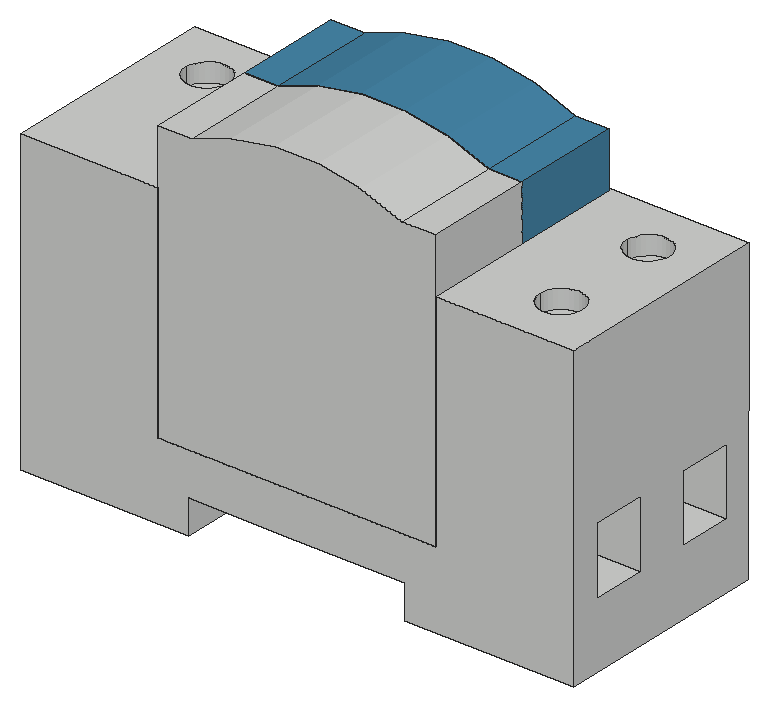
Revit family "Überspannungsableiter 1-polig + NPE", category Generic Models, Revit 2015
Parameters (values of type "V10-C 1+NPE-280")
  Width = 90 mm
  URL = "http://www.obo-bettermann.com"
  Material 2 = OBO PA GF20 RAL 5017
  Material = OBO PA 6 GF20
  Manufacturer Art.No. = "5093418"
  Manufacturer = "OBO Bettermann"
  Length = 35.6 mm
  Height = 60 mm
  GTIN = "4012195382799"
  Diameter = 7 mm
  Cut depth = 12 mm
  Article Type = "V10-C 1+NPE-280"
Reference planes
  plane 1 "Center (Front/Back)": y = 0
  plane 2: z = 0
  plane 3 "Center (Left/Right)": x = 0
  plane 4: z = 54.998
  plane 5: y = 27
  plane 6: y = -8.6
  plane 7: z = 37
  plane 8: z = 48
  plane 9: z = 46
  plane 10: z = 58
  plane 11: z = 60
  plane 12: x = 30.5
  plane 13: y = 9
  plane 14: y = 26.6
  plane 15: y = 44.2
  plane 16: x = -30.5
Forms (mm)
  Extrusion 1, solid, material "OBO PA 6 GF20" <- "Material"
    sketch origin (0, 0, 0) x (1, 0, 0) y (0, 0, 1)
      loop
        line (0, 5.5) -> (17.5, 5.5) -> (17.5, 0) -> (45, 0) -> (45, 49) -> (-45, 49) -> (-45, 0) -> (-17.5, 0) -> (-17.5, 5.5) -> (0, 5.5)
    from -27 to 8.6
  Extrusion 2, void
    sketch origin (0, 0, 0) x (1, 0, 0) y (0, 0, 1)
      loop
        line (-22.55, 49) -> (-22.55, 12.55) -> (22.55, 12.55) -> (22.55, 49) -> (-22.55, 49)
    from -27 to 8.6
  Extrusion 3, solid, material "OBO PA 6 GF20" <- "Material"
    sketch origin (0, 0, 0) x (1, 0, 0) y (0, 0, 1)
      loop
        line (-22.55, 12.55) -> (22.541, 12.55) -> (22.541, 58) -> (17.141, 58)
        arc (17.141, 58) -> (-0.004, 61.8) -> (-17.15, 58) r 40.581
        line (-17.15, 58) -> (-22.55, 58) -> (-22.55, 12.55)
    from -9 to 8.6
  Extrusion 4, void
    sketch origin (0, 0, 0) x (0, 1, 0) y (0, 0, 1)
      loop
        line (22.7, 21.7) -> (13.7, 21.7) -> (13.7, 10.7) -> (22.7, 10.7) -> (22.7, 21.7)
      loop
        line (5.2, 21.7) -> (-3.8, 21.7) -> (-3.8, 10.7) -> (5.2, 10.7) -> (5.2, 21.7)
    from 30.5 to 45
  Extrusion 5, solid, material "OBO PA GF20 RAL 5017" <- "Material 2"
    sketch origin (0, 0, 0) x (1, 0, 0) y (0, 0, 1)
      loop
        arc (17.141, 58) -> (-0.004, 61.8) -> (-17.15, 58) r 40.581
        line (-17.15, 58) -> (-22.55, 58) -> (-22.55, 12.55) -> (22.541, 12.55) -> (22.541, 58) -> (17.141, 58)
    from -26.6 to -9
  Extrusion 6, void
    sketch origin (0, 0, 0) x (0, 1, 0) y (0, 0, 1)
      loop
        line (22.7, 21.7) -> (13.7, 21.7) -> (13.7, 10.7) -> (22.7, 10.7) -> (22.7, 21.7)
    from -45 to -30.5
  Extrusion 7, void
    sketch origin (0, 0, 0) x (1, 0, 0) y (0, 1, 0)
      loop
        circle (35.9, 18.1) r 3.5
      loop
        circle (35.9, 0.3) r 3.5
    from 46 to 49
  Extrusion 8, void
    sketch origin (0, 0, 0) x (1, 0, 0) y (0, 1, 0)
      loop
        circle (-35.9, 18.1) r 3.5
    from 46 to 49
Cuts and joins
  Extrusion 2, Extrusion 4, Extrusion 6, Extrusion 7, Extrusion 8 cuts Extrusion 1
  Extrusion 4 cuts Extrusion 3
Dimensions and locks
  locked: Extrusion 1 sketch curve to plane 3 "Center (Left/Right)" at 45
  locked: Extrusion 1 sketch curve to level at 5.5
  locked: Extrusion 1 sketch curve to plane 3 "Center (Left/Right)" at 17.5
  "Width": Extrusion 1 sketch curve to Extrusion 1 sketch curve
  locked: plane 3 "Center (Left/Right)" to Extrusion 1 sketch curve at 17.5
  locked: Extrusion 1 sketch curve to level at 49
  "Length": plane 5 to plane 6
  locked: plane 8 to plane 9 at 2
  Extrusion 2 sketch curve to Extrusion 2 sketch curve = 45.1 mm
  equal spacing: Extrusion 2 sketch curve, plane 3 "Center (Left/Right)", Extrusion 2 sketch curve, locked at 22.55 each
  locked: Extrusion 1 to Extrusion 2 sketch curve at 36.45
  locked: plane 10 to cut or joined group of Extrusion 1, Extrusion 2, Extrusion 4, Extrusion 6, Extrusion 7, Extrusion 8 at 9
  "Height": plane 11 to level
  locked: Extrusion 3 sketch curve to Extrusion 3 sketch curve at 5.4  (x2)
  locked: plane 5 to plane 1 "Center (Front/Back)" at 27
  locked: cut or joined group of Extrusion 1, Extrusion 2, Extrusion 4, Extrusion 6, Extrusion 7, Extrusion 8 to plane 12 at 14.5
  locked: plane 6 to plane 13 at 17.6
  plane 14 to plane 13 = 17.6 mm
  plane 15 to plane 14 = 17.6 mm
  locked: Extrusion 4 sketch curve to Extrusion 4 sketch curve at 9  (x2)
  locked: Extrusion 4 sketch curve to cut or joined group of Extrusion 1, Extrusion 2, Extrusion 4, Extrusion 6, Extrusion 7, Extrusion 8 at 4.3
  locked: Extrusion 4 sketch curve to Extrusion 4 sketch curve at 11
  locked: cut or joined group of Extrusion 1, Extrusion 2, Extrusion 4, Extrusion 6, Extrusion 7, Extrusion 8 to Extrusion 4 sketch curve at 10.7
  locked: Extrusion 4 sketch curve to Extrusion 4 sketch curve at 8.5
  locked: plane 16 to cut or joined group of Extrusion 1, Extrusion 2, Extrusion 4, Extrusion 6, Extrusion 7, Extrusion 8 at 14.5
  locked: cut or joined group of Extrusion 1, Extrusion 2, Extrusion 4, Extrusion 6, Extrusion 7, Extrusion 8 to Extrusion 7 sketch curve at 8.9
  locked: Extrusion 7 sketch curve to cut or joined group of Extrusion 1, Extrusion 2, Extrusion 4, Extrusion 6, Extrusion 7, Extrusion 8 at 9.1  (x2)
  locked: Extrusion 7 sketch curve to Extrusion 7 sketch curve at 17.8
  locked: cut or joined group of Extrusion 1, Extrusion 2, Extrusion 4, Extrusion 6, Extrusion 7, Extrusion 8 to Extrusion 8 sketch curve at 9.1
  locked: cut or joined group of Extrusion 1, Extrusion 2, Extrusion 4, Extrusion 6, Extrusion 7, Extrusion 8 to Extrusion 8 sketch curve at 8.9
  radius of Extrusion 3 sketch curve = 40.581 mm
  "Diameter": diameter of Extrusion 7 sketch curve  (x2)
  "Diameter": diameter of Extrusion 8 sketch curve
  aligned and locked: level to plane 2
  aligned and locked: Extrusion 1 to plane 5
  aligned and locked: plane 6 to Extrusion 1
  aligned and locked: level to Extrusion 1 sketch curve
  aligned and locked: Extrusion 2 sketch curve to Extrusion 1
  aligned and locked: Extrusion 1 to Extrusion 2  (x2)
  aligned and locked: cut or joined group of Extrusion 1, Extrusion 2, Extrusion 4, Extrusion 6, Extrusion 7, Extrusion 8 to Extrusion 3 sketch curve
  aligned and locked: Extrusion 3 sketch curve to cut or joined group of Extrusion 1, Extrusion 2, Extrusion 4, Extrusion 6, Extrusion 7, Extrusion 8
  aligned and locked: Extrusion 3 sketch curve to plane 10  (x2)
  aligned and locked: Extrusion 4 to plane 12
  aligned and locked: Extrusion 1 to Extrusion 4
  aligned and locked: Extrusion 3 to cut or joined group of Extrusion 1, Extrusion 2, Extrusion 4, Extrusion 6, Extrusion 7, Extrusion 8
  aligned and locked: plane 13 to Extrusion 3
  aligned and locked: Extrusion 5 sketch curve to cut or joined group of Extrusion 3, Extrusion 4  (x6)
  aligned and locked: plane 14 to Extrusion 5
  aligned and locked: Extrusion 5 to cut or joined group of Extrusion 3, Extrusion 4
  aligned and locked: Extrusion 4 sketch curve to Extrusion 4 sketch curve  (x2)
  aligned and locked: Extrusion 6 sketch curve to cut or joined group of Extrusion 1, Extrusion 2, Extrusion 4, Extrusion 6, Extrusion 7, Extrusion 8  (x4)
  aligned and locked: Extrusion 1 to Extrusion 6
  aligned and locked: plane 16 to Extrusion 6
  aligned and locked: Extrusion 7 to plane 9
  aligned and locked: Extrusion 1 to Extrusion 7
  aligned and locked: Extrusion 8 to plane 9
  aligned and locked: Extrusion 1 to Extrusion 8
Automatic sketch dimensions
  Extrusion 1 sketch curve to plane 3 "Center (Left/Right)" = 0 mm
  Extrusion 1 sketch curve to level = 0 mm
  Extrusion 3 sketch curve to plane 3 "Center (Left/Right)" = 0.004 mm
